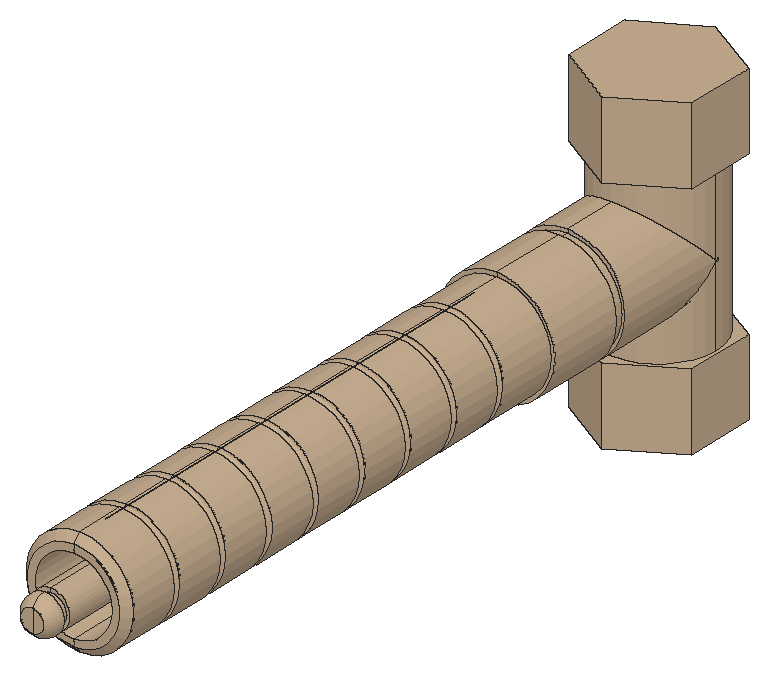
Revit family "Valve-Control-Waterworks-Universal-Counter_Clockwise", category Pipe Accessories, Revit 2014
Parameters (values of type "1/2” Counter-Clockwise Volume Control Valve")
  ‌Installation Requirements or Notes = "Valve rough-in depth is measured from the center of the inlets to the surface of the finished wall and varies depending on the trim used"  # constant formula
  Water Pressure = "Max: 85psi / Min: 20psi / Recommended: 45psi"  # constant formula
  Warranty = "http://www.waterworks.com/warranty"
  Version = "2014 - v1.0a"  # constant formula
  URL = "http://www.waterworks.com/"
  Support Phone = "(224) 699-9545"  # constant formula
  Support Email = "mailto:support@anguleris.com"
  Product Page URL = "http://www.waterworks.com/universal-1-2-counter-clockwise-open-volume-control-valve-guvc18"
  Product Name = "Universal 1/2” Counter-Clockwise On Volume Control Valve"  # constant formula
  Product Documentation Link = "http://assets.waterworks.com/wasset/107/original/34907.pdf"
  Pressure = 45.00 psi
  Model SKU = "26-03622-54601"  # constant formula
  Model = "GUVC18"  # constant formula
  Mixed Water Outlet Diameter = 0' - 0 1/2"  # constant formula
  Mixed Water ‌Outlet Connection = "Outlet - Female NPT"  # constant formula
  Material = ""
  Manufacturer Phone Number = "(203)546-6201"  # constant formula
  Manufacturer Email = "mailto:acallanan@waterworks.com"
  Manufacturer Address = "60 Backus Avenue, Danbury, CT 06810"  # constant formula
  Manufacturer = "Waterworks"  # constant formula
  Length = 0' - 1"  # constant formula
  Keynote = "22 40 00"
  Mixed Water Inlet Diameter = 0' - 0 1/2"  # constant formula
  Mixed Water Outlet Bottom Connection = "Inlet - Female NPT"  # constant formula
  Height = 0' - 2 9/16"  # constant formula
  Fittings Hole Diameter = 0' - 1 3/8"  # constant formula
  Finish = Metal - Waterworks - Unfinished
  Description = "Universal 1/2” Counter-Clockwise On Volume Control Valve"  # constant formula
  Depth = 0' - 6 15/16"  # constant formula
  Copyright = "@2017 Waterworks Operating Company LLC. All rights reserved"  # constant formula
  Code Compliance = "Code # GUSV18:"  # constant formula
  Certification cUPC = 1 = 1  # yes
  Certification State of MA = 1 = 1  # yes
  Certification IAPMO = 1 = 1  # yes
  Assembly Code = "D2010"
  Anti-scald Protection = 1 = 0  # no
  ADA Compliant = 1 = 1  # yes
Reference planes (in)
  plane 1 "Center (Elevation)": z = 0
  plane 2 "Back": y = 0
  plane 3 "Center (Left/Right)": x = 0
  plane 4 "Left": x = -0.5
  plane 5 "Right": x = 0.5
  plane 6 "Bottom": z = -1.28125
  plane 7 "Top": z = 1.28125
  plane 8: y = -0.5625
  plane 9: y = -1.5
  plane 10 "Front": y = -6.9375
Forms (in)
  Revolve 1, solid, material "Metal - Waterworks - Unfinished" <- "Finish", detail levels fine
    sketch origin (0, 0, 0) x (0, 0, 1) y (0, -1, 0)
      loop
        line (0, 0.5625) -> (0.46875, 0.5625) -> (0.46875, 1.5) -> (0.4375, 1.5) -> (0.4375, 1.59375) -> (0.46875, 1.59375) -> (0.46875, 2.21875) -> (0.4375, 2.21875) -> (0.4375, 2.70312)
        arc (0.4375, 2.70312) -> (0.40625, 2.73437) -> (0.4375, 2.76562) r 0.03125
        line (0.4375, 2.76562) -> (0.4375, 3.17187)
        arc (0.4375, 3.17187) -> (0.40625, 3.20312) -> (0.4375, 3.23437) r 0.03125
        line (0.4375, 3.23437) -> (0.4375, 3.64062)
        arc (0.4375, 3.64062) -> (0.40625, 3.67187) -> (0.4375, 3.70312) r 0.03125
        line (0.4375, 3.70312) -> (0.4375, 4.10937)
        arc (0.4375, 4.10937) -> (0.40625, 4.14062) -> (0.4375, 4.17187) r 0.03125
        line (0.4375, 4.17187) -> (0.4375, 4.57812)
        arc (0.4375, 4.57812) -> (0.40625, 4.60937) -> (0.4375, 4.64062) r 0.03125
        line (0.4375, 4.64062) -> (0.4375, 5.04687)
        arc (0.4375, 5.04687) -> (0.40625, 5.07812) -> (0.4375, 5.10937) r 0.03125
        line (0.4375, 5.10937) -> (0.4375, 5.51562)
        arc (0.4375, 5.51562) -> (0.40625, 5.54687) -> (0.4375, 5.57812) r 0.03125
        line (0.4375, 5.57812) -> (0.4375, 5.98437)
        arc (0.4375, 5.98437) -> (0.40625, 6.01562) -> (0.4375, 6.04687) r 0.03125
        line (0.4375, 6.04687) -> (0.4375, 6.45312) -> (0.375, 6.51562) -> (0.3125, 6.51562) -> (0.3125, 2.21875) -> (0.15625, 2.21875) -> (0.15625, 6.75) -> (0.125, 6.75) -> (0.125, 6.8125) -> (0.15625, 6.8125)
        arc (0.15625, 6.8125) -> (0.13975, 6.88238) -> (0.09375, 6.9375) r 0.15625
        line (0.09375, 6.9375) -> (0, 6.9375) -> (0, 0.5625)
      axis (0, 6.9375) -> (0, 0.5625)
    angle from 0 to 360
  Extrusion 2, solid, material "Metal - Waterworks - Unfinished" <- "Finish", detail levels fine
    sketch origin (0, 0, 0) x (1, 0, 0) y (0, 1, 0)
      loop
        line (-0.5, -0.28868) -> (-0.5, -0.86603) -> (0, -1.1547) -> (0.5, -0.86603) -> (0.5, -0.28868) -> (0, 0) -> (-0.5, -0.28868)
    from 0.65625 to 1.28125
  Extrusion 3, solid, material "Metal - Waterworks - Unfinished" <- "Finish", detail levels fine
    sketch origin (0, 0, 0) x (1, 0, 0) y (0, 1, 0)
      loop
        line (-0.5, -0.28868) -> (-0.5, -0.86603) -> (0, -1.1547) -> (0.5, -0.86603) -> (0.5, -0.28868) -> (0, 0) -> (-0.5, -0.28868)
    from -1.28125 to -0.65625
  Extrusion 4, solid, material "Metal - Waterworks - Unfinished" <- "Finish", detail levels fine
    sketch origin (0, 0, 0) x (1, 0, 0) y (0, 1, 0)
      loop
        circle (0, -0.57735) r 0.46875
    from -0.65625 to 0.65625
Lines and regions (in)
  model lines, detail levels coarse+medium
    curve 1: line (0.5359, -0.5625, -2) -> (-0.5359, -0.5625, 2)
    curve 2: line (-0.5359, -0.5625, -2) -> (0.5359, -0.5625, 2)
    curve 3: line (-0.5359, -0.5625, 2) -> (0.5359, -0.5625, 2)
    curve 4: line (-0.5359, -0.5625, -2) -> (0.5359, -0.5625, -2)
    curve 5: line (0, -0.5625, 0) -> (-1.5, -0.5625, 0)
    curve 6: line (-1.5, -0.5625, 0) -> (-1.5, -0.5625, -0.5)
Dimensions and locks (in)
  equal spacing: plane 4 "Left", plane 3 "Center (Left/Right)", plane 5 "Right"
  locked: plane 4 "Left" to plane 5 "Right" at 1
  plane 10 "Front" to plane 9 to plane 8 to plane 2 "Back" = 0' - 5 7/16" locked, 0' - 0 15/16" locked, 0' - 0 9/16" locked
  equal spacing: plane 7 "Top", plane 1 "Center (Elevation)", plane 6 "Bottom", locked at 1.28125 each
  equal spacing: plane 5 "Right", plane 3 "Center (Left/Right)", plane 4 "Left", locked at 0.5 each
  equal spacing: Extrusion 3, plane 1 "Center (Elevation)", Extrusion 2, locked at 0.65625 each
  Extrusion 2 sketch curve to plane 8 to Extrusion 2 sketch curve = 0' - 0.48714" locked, 0' - 0.51286" locked
  Extrusion 2 sketch curve to plane 8 to Extrusion 2 sketch curve = 0' - 0.51286" locked, 0' - 0.48714" locked
  plane 8 to Revolve 1 sketch curve to Revolve 1 sketch curve to Revolve 1 sketch curve to Revolve 1 sketch curve to Revolve 1 sketch curve to Revolve 1 sketch curve to Revolve 1 sketch curve to Revolve 1 sketch curve to Revolve 1 sketch curve to Revolve 1 sketch curve to Revolve 1 sketch curve to Revolve 1 sketch curve to Revolve 1 sketch curve to Revolve 1 sketch curve to Revolve 1 sketch curve = 0' - 1 1/32" locked, 0' - 0 5/8" locked, 0' - 0" locked, 0' - 0 33/64" locked, 0' - 0 15/32" locked, 0' - 0 15/32" locked, 0' - 0 15/32" locked, 0' - 0 15/32" locked, 0' - 0 15/32" locked, 0' - 0 7/16" locked, 0' - 0 1/2" locked, 0' - 0 1/2" locked, 0' - 0 15/64" locked, 0' - 0 1/16" locked, 0' - 0" locked
  Revolve 1 sketch curve to Revolve 1 sketch curve to Revolve 1 sketch curve to Revolve 1 sketch curve to Revolve 1 sketch curve to Revolve 1 sketch curve to Revolve 1 sketch curve to Revolve 1 sketch curve to Revolve 1 sketch curve to Revolve 1 sketch curve to Revolve 1 sketch curve to Revolve 1 sketch curve to Revolve 1 sketch curve to Revolve 1 sketch curve to Revolve 1 sketch curve to Revolve 1 sketch curve to Revolve 1 sketch curve to Revolve 1 sketch curve to Revolve 1 sketch curve to Revolve 1 sketch curve to Revolve 1 sketch curve to Revolve 1 sketch curve to Revolve 1 sketch curve to Revolve 1 sketch curve to Revolve 1 sketch curve to Revolve 1 sketch curve to Revolve 1 sketch curve to Revolve 1 sketch curve to Revolve 1 sketch curve to Revolve 1 sketch curve to Revolve 1 sketch curve to Revolve 1 sketch curve = 0' - 0" locked, 0' - 0 1/32" locked, 0' - 0" locked, 0' - 0" locked, 0' - 0" locked, 0' - 0" locked, 0' - 0" locked, 0' - 0" locked, 0' - 0" locked, 0' - 0" locked, 0' - 0" locked, 0' - 0" locked, 0' - 0" locked, 0' - 0" locked, 0' - 0" locked, 0' - 0" locked, 0' - 0" locked, 0' - 0" locked, 0' - 0 1/32" locked, 0' - 0" locked, 0' - 0" locked, 0' - 0" locked, 0' - 0" locked, 0' - 0" locked, 0' - 0" locked, 0' - 0" locked, 0' - 0 1/32" locked, 0' - 0 1/16" locked, 0' - 0 5/32" locked, 0' - 0 1/32" locked, 0' - 0 1/8" locked
  aligned and locked: Extrusion 3 sketch curve to Extrusion 2  (x4)
  aligned and locked: Extrusion 2 to Extrusion 4
  aligned and locked: Extrusion 4 to Extrusion 3
  aligned and locked: Extrusion 2 to plane 7 "Top"
  aligned and locked: plane 6 "Bottom" to Extrusion 3
  aligned and locked: plane 4 "Left" to Extrusion 2 sketch curve
  aligned and locked: Extrusion 2 sketch curve to plane 5 "Right"
  aligned and locked: Revolve 1 sketch curve to plane 1 "Center (Elevation)"
  aligned and locked: plane 1 "Center (Elevation)" to Revolve 1 sketch curve  (x2)
  aligned and locked: plane 8 to Revolve 1 sketch curve
  aligned and locked: plane 10 "Front" to Revolve 1 sketch curve
  aligned and locked: Revolve 1 sketch curve to plane 9
Automatic sketch dimensions
  plane 2 "Back" to Extrusion 2 sketch curve = 0' - 0"
  Extrusion 2 sketch curve to plane 3 "Center (Left/Right)" = 0' - 0"  (x2)
  plane 8 to Extrusion 2 sketch curve = 0' - 0.30353"
  Extrusion 3 sketch curve to plane 4 "Left" = 0' - 0"
  Extrusion 3 sketch curve to plane 5 "Right" = 0' - 0"
  Extrusion 4 sketch curve to plane 3 "Center (Left/Right)" = 0' - 0"
  plane 8 to Extrusion 4 sketch curve = 0' - 0.01485"
  level to Revolve 1 sketch curve = 0' - 0 3/32"
  Revolve 1 sketch curve to Revolve 1 sketch curve = 0' - 0 1/16"
  Revolve 1 sketch curve to plane 2 "Back" = 1' - 0"
  plane 10 "Front" to Revolve 1 sketch curve = 1' - 0"
  curve 5 to plane 3 "Center (Left/Right)" = 0' - 0"
  curve 6 to level = 0' - 0"
  plane 5 "Right" to curve 1 = 0' - 0.0359"
  plane 5 "Right" to curve 2 = 0' - 0.0359"
  curve 4 to plane 4 "Left" = 0' - 0.0359"
  curve 1 to plane 4 "Left" = 0' - 0.0359"
  curve 3 to plane 7 "Top" = 0' - 0 23/32"
  curve 6 to plane 4 "Left" = 0' - 1"
  curve 5 to curve 6 = 0' - 0 1/2"
  radius of Extrusion 4 sketch curve = 0' - 0 15/32"
Connectors (in)
  piping at (0, -0.57735, 1.28125), diameter 0.5, driven by "Mixed Water ‌Outlet Connection", driven by "Mixed Water Outlet Diameter"
    settings: on Extrusion 2, index 1, connector inside diameter 24", connector length 0' - 0", flow factor 0, pipe flow 0 GPM, pressure drop 0.00 psi, fitting loss kfactor 0, connector angle 0.00°, fixture units 0, engagement length 0' - 0", angle of deflection 0.00°, flow configuration 0, flow direction 2, fitting loss method 0, system type 29, joint type 0, gender type 0, connector reference index -1, connector utility 0, adjustable connector no, is connector primary yes, connector description "Outlet - Female NPT"
  piping at (0, -0.57735, -1.28125), diameter 0.5, driven by "Mixed Water Outlet Bottom Connection", driven by "Mixed Water Inlet Diameter"
    settings: on Extrusion 3, index 2, connector inside diameter 24", connector length 0' - 0", flow factor 0, pipe flow 0 GPM, pressure drop 0.00 psi, fitting loss kfactor 0, connector angle 0.00°, fixture units 0, engagement length 0' - 0", angle of deflection 0.00°, flow configuration 0, flow direction 1, fitting loss method 0, system type 29, joint type 0, gender type 0, connector reference index -1, connector utility 0, adjustable connector no, is connector primary no, connector description "Inlet - Female NPT"
